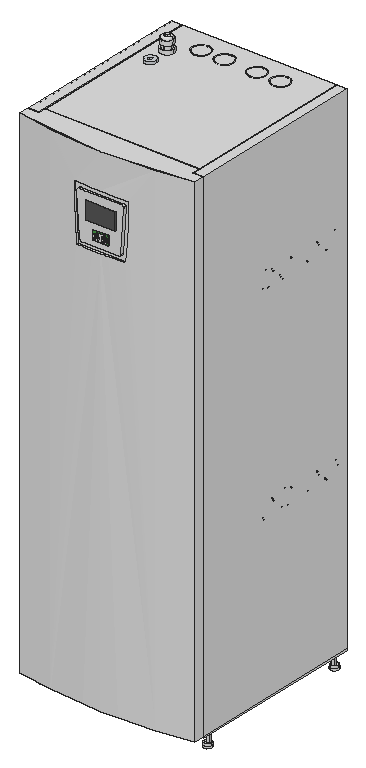
Revit family "HVAC_HeatPumpBW_Enertech_CTC-EcoPart-400_Pro", category Specialty Equipment, Revit 2020 (continued)
Automatic sketch dimensions
  curve 126 to level = 0 mm
  curve 126 to plane 7 = 0 mm
  curve 356 to plane 8 = 0 mm
  curve 480 to level = 0 mm
  curve 479 to level = 0 mm
  curve 129 to plane 6 = 0 mm
  curve 105 to plane 6 = 0 mm
  curve 112 to plane 6 = 0 mm
  curve 108 to plane 6 = 0 mm
  plane 7 to curve 356 = 24.485 mm
  curve 355 to curve 155 = 43 mm
  level to curve 149 = 4 mm
  curve 154 to curve 149 = 26 mm
  curve 149 to curve 152 = 2 mm
  curve 151 to curve 357 = 7.375 mm
  curve 153 to curve 143 = 10.034 mm
  curve 144 to curve 147 = 7.341 mm
  curve 146 to curve 148 = 2 mm
  level to curve 322 = 24.995 mm
  curve 147 to curve 322 = 76.511 mm
  level to curve 322 = 26.409 mm
  curve 319 to curve 322 = 1.414 mm
  level to curve 319 = 16.828 mm
  level to curve 318 = 18.242 mm
  curve 316 to curve 320 = 1.414 mm
  level to curve 315 = 18.242 mm
  level to curve 321 = 16.828 mm
  level to curve 315 = 26.828 mm
  curve 316 to curve 315 = 8.587 mm
  level to curve 321 = 25.414 mm
  curve 315 to curve 321 = 1.414 mm
  curve 323 to curve 323 = 1.414 mm
  curve 317 to curve 325 = 18.343 mm
  level to curve 328 = 25.414 mm
  curve 326 to curve 328 = 1.414 mm
  level to curve 327 = 26.828 mm
  level to curve 328 = 16.828 mm
  curve 326 to curve 328 = 8.587 mm
  level to curve 327 = 18.242 mm
  curve 328 to curve 327 = 1.414 mm
  curve 330 to curve 329 = 1.414 mm
  level to curve 331 = 18.242 mm
  level to curve 332 = 16.828 mm
  level to curve 331 = 26.409 mm
  curve 330 to curve 331 = 8.167 mm
  plane 1 "Center (Front/Back)" to curve 235 = 34.467 mm
  plane 1 "Center (Front/Back)" to curve 251 = 34.467 mm
  curve 252 to curve 251 = 0 mm
  curve 236 to curve 232 = 0 mm
  curve 245 to curve 252 = 2.001 mm
  curve 251 to curve 252 = 0 mm
  curve 232 to curve 235 = 2.001 mm
  curve 236 to curve 231 = 0 mm
  plane 1 "Center (Front/Back)" to curve 242 = 5 mm
  plane 1 "Center (Front/Back)" to curve 258 = 5 mm
  plane 1 "Center (Front/Back)" to curve 254 = 5 mm
  plane 1 "Center (Front/Back)" to curve 238 = 5 mm
  plane 1 "Center (Front/Back)" to curve 228 = 4 mm
  plane 1 "Center (Front/Back)" to curve 244 = 4 mm
  curve 247 to curve 253 = 2 mm
  curve 246 to curve 257 = 2 mm
  curve 230 to curve 241 = 2 mm
  curve 231 to curve 237 = 2 mm
  curve 239 to plane 1 "Center (Front/Back)" = 24.466 mm
  curve 240 to curve 233 = 0 mm
  curve 255 to plane 1 "Center (Front/Back)" = 24.466 mm
  curve 256 to curve 249 = 0 mm
  curve 256 to curve 256 = 2.001 mm
  curve 255 to curve 243 = 0 mm
  curve 233 to curve 239 = 2.001 mm
  curve 240 to curve 234 = 0 mm
  curve 255 to curve 267 = 19.066 mm
  curve 227 to curve 220 = 19.066 mm
  curve 219 to curve 213 = 0 mm
  curve 268 to curve 267 = 0 mm
  curve 264 to curve 267 = 2.001 mm
  curve 220 to curve 220 = 2.001 mm
  curve 219 to curve 214 = 0 mm
  curve 268 to curve 263 = 0 mm
  curve 219 to curve 222 = 27.466 mm
  curve 267 to curve 270 = 27.466 mm
  curve 220 to curve 226 = 27.466 mm
  curve 268 to curve 274 = 27.466 mm
  curve 222 to curve 212 = 1 mm
  curve 268 to curve 259 = 28.466 mm
  curve 215 to curve 221 = 2 mm
  curve 226 to curve 225 = 2 mm
  curve 262 to curve 273 = 2 mm
  curve 270 to curve 269 = 2 mm
  curve 211 to curve 224 = 28.466 mm
  curve 223 to curve 212 = 0 mm
  curve 259 to curve 272 = 28.466 mm
  curve 271 to curve 260 = 0 mm
  curve 265 to curve 271 = 2.001 mm
  curve 212 to curve 224 = 2.001 mm
  curve 272 to curve 266 = 0 mm
  curve 223 to curve 211 = 0 mm
  curve 120 to plane 1 "Center (Front/Back)" = 111.368 mm
  level to curve 341 = 24.995 mm
  curve 341 to plane 1 "Center (Front/Back)" = 138.747 mm
  level to curve 341 = 26.409 mm
  curve 338 to curve 341 = 1.414 mm
  level to curve 338 = 16.828 mm
  level to curve 337 = 18.242 mm
  curve 337 to curve 339 = 1.414 mm  (x2)
  plane 8 to curve 122 = 6 mm
  curve 120 to curve 122 = 38.497 mm
  level to curve 334 = 18.242 mm
  level to curve 340 = 16.828 mm
  curve 224 to curve 204 = 49.049 mm
  curve 203 to curve 197 = 0 mm
  curve 271 to curve 283 = 49.049 mm
  curve 284 to curve 283 = 0 mm
  curve 203 to curve 203 = 2.001 mm
  curve 277 to curve 284 = 2.001 mm
  curve 283 to curve 284 = 0 mm
  curve 204 to curve 199 = 0 mm
  level to curve 334 = 26.828 mm
  curve 334 to curve 334 = 8.587 mm
  level to curve 340 = 25.414 mm
  curve 334 to curve 340 = 1.414 mm
  curve 340 to curve 343 = 1.414 mm
  curve 118 to curve 178 = 28.752 mm
  plane 8 to curve 167 = 38.959 mm
  curve 123 to curve 167 = 1.883 mm
  curve 342 to curve 343 = 18.343 mm
  level to curve 347 = 25.414 mm
  curve 345 to curve 347 = 1.414 mm
  plane 8 to curve 167 = 40.305 mm
  curve 166 to curve 167 = 2.332 mm
  level to curve 346 = 26.828 mm
  curve 165 to curve 170 = 4.096 mm
  curve 284 to curve 290 = 27.466 mm
  curve 279 to curve 286 = 27.466 mm
  curve 203 to curve 206 = 27.466 mm
  curve 198 to curve 210 = 27.466 mm
  curve 206 to curve 200 = 1 mm
  curve 284 to curve 275 = 28.466 mm
  curve 278 to curve 289 = 2 mm
  curve 286 to curve 285 = 2 mm
  curve 198 to curve 209 = 2 mm
  curve 199 to curve 205 = 2 mm
  curve 167 to curve 176 = 6.7 mm
  level to curve 347 = 16.828 mm
  curve 345 to curve 347 = 8.587 mm
  level to curve 346 = 18.242 mm
  curve 348 to curve 346 = 1.414 mm
  curve 349 to curve 348 = 1.414 mm  (x2)
  level to curve 350 = 18.242 mm
  level to curve 351 = 16.828 mm
  level to curve 350 = 26.409 mm
  curve 349 to curve 350 = 8.167 mm
  curve 176 to curve 175 = 22.169 mm
  curve 195 to curve 207 = 28.466 mm
  curve 275 to curve 288 = 28.466 mm
  curve 287 to curve 276 = 0 mm
  curve 208 to curve 201 = 0 mm
  curve 201 to curve 207 = 2.001 mm
  curve 276 to curve 288 = 2.001 mm
  curve 208 to curve 202 = 0 mm
  curve 287 to curve 275 = 0 mm
  curve 175 to curve 160 = 4.936 mm
  curve 175 to curve 162 = 6.7 mm
  curve 162 to curve 161 = 2.332 mm
  curve 162 to curve 125 = 4.216 mm
  curve 195 to curve 188 = 19.066 mm
  curve 187 to curve 181 = 0 mm
  curve 275 to curve 300 = 19.066 mm
  curve 299 to curve 300 = 0 mm
  curve 296 to curve 299 = 2.001 mm
  curve 184 to curve 187 = 2.001 mm
  curve 300 to curve 295 = 0 mm
  curve 188 to curve 183 = 0 mm
  curve 295 to curve 302 = 27.466 mm
  curve 187 to curve 190 = 27.466 mm
  curve 188 to curve 194 = 27.466 mm
  curve 294 to curve 306 = 27.466 mm
  curve 190 to curve 182 = 1 mm
  curve 302 to curve 291 = 1 mm
  curve 190 to curve 189 = 2 mm
  curve 181 to curve 193 = 2 mm
  curve 294 to curve 305 = 2 mm
  curve 302 to curve 301 = 2 mm
  level to curve 140 = 4 mm
  curve 140 to plane 6 = 46.48 mm
  curve 179 to curve 191 = 28.466 mm
  curve 192 to curve 191 = 0 mm
  curve 291 to curve 303 = 28.466 mm
  curve 304 to curve 297 = 0 mm
  curve 140 to curve 307 = 2 mm
  curve 292 to curve 304 = 2.001 mm
  curve 303 to curve 291 = 0 mm
  curve 192 to curve 192 = 2.001 mm
  curve 191 to curve 179 = 0 mm
  curve 138 to curve 138 = 7.375 mm
  curve 142 to curve 311 = 10 mm
  curve 132 to curve 135 = 7.375 mm
  curve 135 to curve 136 = 2 mm
  curve 133 to plane 6 = 4 mm
  plane 6 to curve 111 = 1 mm
  plane 6 to curve 116 = 1 mm
  plane 6 to curve 108 = 1 mm
  curve 146 to curve 144 = 8 mm
  curve 139 to curve 139 = 8 mm
  curve 330 to curve 330 = 1.414 mm
  curve 316 to curve 316 = 1.414 mm
  curve 326 to curve 326 = 1.414 mm
  curve 153 to curve 143 = 0 mm
  curve 142 to curve 311 = 0 mm
  curve 154 to curve 355 = 24.5 mm
  curve 130 to curve 129 = 24.518 mm
  curve 331 to curve 254 = 573.124 mm
  curve 254 to curve 253 = 0 mm
  curve 253 to curve 286 = 0 mm
  curve 286 to curve 285 = 0 mm
  curve 282 to curve 301 = 0 mm
  curve 302 to curve 298 = 0 mm
  curve 253 to curve 269 = 0 mm
  curve 270 to curve 266 = 0 mm
  curve 270 to curve 270 = 2.001 mm
  curve 254 to curve 254 = 2.001 mm
  curve 286 to curve 286 = 2.001 mm
  curve 301 to curve 301 = 2.001 mm
  curve 283 to curve 284 = 2 mm
  curve 267 to curve 268 = 2 mm
  curve 250 to curve 256 = 2 mm
  curve 265 to curve 272 = 2 mm
  curve 296 to curve 300 = 2 mm
  curve 247 to curve 252 = 2 mm
  curve 287 to curve 288 = 2 mm
  curve 297 to curve 304 = 2 mm
  curve 221 to plane 8 = 460.467 mm
  curve 222 to curve 218 = 0 mm
  curve 237 to curve 216 = 0 mm
  curve 221 to curve 189 = 0 mm
  curve 190 to curve 186 = 0 mm
  curve 238 to curve 234 = 0 mm
  curve 206 to curve 184 = 0 mm
  curve 206 to curve 205 = 0 mm
  curve 206 to curve 206 = 2.001 mm
  curve 232 to curve 238 = 2.001 mm
  curve 190 to curve 190 = 2.001 mm
  curve 222 to curve 222 = 2.001 mm
  curve 234 to curve 240 = 2 mm
  curve 191 to curve 192 = 2 mm
  curve 200 to curve 204 = 2 mm
  curve 183 to curve 188 = 2 mm
  curve 232 to curve 236 = 2 mm
  curve 201 to curve 208 = 2 mm
  curve 218 to curve 224 = 2 mm
  curve 215 to curve 220 = 2 mm
  curve 129 to curve 105 = 199.429 mm
  curve 116 to curve 114 = 28 mm
  curve 113 to curve 112 = 22 mm
  curve 111 to curve 111 = 28 mm
  curve 110 to curve 107 = 22 mm
  curve 107 to curve 107 = 28 mm
  plane 8 to curve 159 = 11 mm
  curve 158 to curve 160 = 14.2 mm
  curve 162 to curve 123 = 6.695 mm
  plane 7 to curve 356 = 13.426 mm
  curve 356 to curve 355 = 9.24 mm
  curve 355 to curve 354 = 15.898 mm
  curve 353 to curve 155 = 4 mm
  curve 174 to curve 176 = 0 mm
  curve 174 to curve 175 = 0 mm  (x2)
  curve 142 to curve 312 = 19.518 mm
  Extrusion 29 sketch curve to plane 3 "Center (Left/Right)" = 135 mm  (x2)
  Extrusion 29 sketch curve to plane 3 "Center (Left/Right)" = 55 mm  (x2)
  plane 3 "Center (Left/Right)" to Extrusion 29 sketch curve = 54.984 mm  (x2)
  Extrusion 29 sketch curve to Extrusion 29 sketch curve = 80 mm  (x2)
  level to Extrusion 29 sketch curve = 630 mm
  Extrusion 29 sketch curve to Extrusion 29 sketch curve = 0 mm  (x6)
  Extrusion 29 sketch curve to plane 8 = 430 mm
  Blend 16 sketch curve to Blend 16 sketch curve = 35 mm
  plane 7 to Blend 16 sketch curve = 63.486 mm
  plane 6 to Blend 16 sketch curve = 937.934 mm
  plane 7 to Blend 16 sketch curve = 27.743 mm
  Blend 16 sketch curve to Blend 16 sketch curve = 35.742 mm
  plane 7 to Blend 16 sketch curve = 26.703 mm
  plane 6 to Blend 16 sketch curve = 996.727 mm
  radius of Extrusion 9 sketch curve = 14 mm  (x6)
  radius of Extrusion 9 sketch curve = 12.4 mm  (x6)
  radius of Extrusion 15 sketch curve = 5 mm  (x4)
  radius of Extrusion 22 sketch curve = 19.248 mm
  radius of Extrusion 22 sketch curve = 7.026 mm
  radius of Extrusion 24 sketch curve = 5.5 mm
  radius of Extrusion 26 sketch curve = 28.484 mm  (x4)
  radius of Extrusion 27 sketch curve = 28.484 mm  (x8)
  radius of Extrusion 28 sketch curve = 28.484 mm  (x8)
  radius of Extrusion 29 sketch curve = 28.484 mm  (x8)
Connectors
  electrical at (-205.108, 200.616, 1807), driven by "NumberOfPoles"
    settings: on cut or joined group of Revolve 23, Extrusion 24, index 1, voltage 0 V, apparent load 0 VA, apparent load phase1 0 VA, apparent load phase2 0 VA, apparent load phase3 0 VA, power factor 1, load classification "Other", number of poles 1, system type 31, power factor state 1, is connector primary yes, connector utility no, sub classification motor no, connector description ""
  electrical at (-205.108, 130.616, 1766)
    settings: on Extrusion 22, index 2, voltage 0 V, apparent load 0 VA, apparent load phase1 0 VA, apparent load phase2 0 VA, apparent load phase3 0 VA, power factor 1, load classification "Other", number of poles 1, system type 14, power factor state 1, is connector primary no, connector utility no, sub classification motor no, connector description ""
  piping at (-134.992, 257.55, 1757), diameter 28
    settings: on Extrusion 26, index 3, connector inside diameter 609.6 mm, connector length 0 mm, flow factor 0, pipe flow 0.0 L/s, pressure drop 0.0 Pa, fitting loss kfactor 0, connector angle 0.00°, fixture units 0, engagement length 0 mm, angle of deflection 0.00°, flow configuration 0, flow direction 1, fitting loss method 0, system type 19, joint type 0, gender type 0, connector reference index -1, connector utility 0, adjustable connector no, is connector primary yes, connector description ""
  piping at (-54.992, 257.55, 1757), diameter 28
    settings: on Extrusion 26, index 4, connector inside diameter 609.6 mm, connector length 0 mm, flow factor 0, pipe flow 0.0 L/s, pressure drop 0.0 Pa, fitting loss kfactor 0, connector angle 0.00°, fixture units 0, engagement length 0 mm, angle of deflection 0.00°, flow configuration 0, flow direction 2, fitting loss method 0, system type 19, joint type 0, gender type 0, connector reference index -1, connector utility 0, adjustable connector no, is connector primary no, connector description ""
  piping at (54.992, 257.55, 1757), diameter 28
    settings: on Extrusion 26, index 5, connector inside diameter 609.6 mm, connector length 0 mm, flow factor 0, pipe flow 0.0 L/s, pressure drop 0.0 Pa, fitting loss kfactor 0, connector angle 0.00°, fixture units 0, engagement length 0 mm, angle of deflection 0.00°, flow configuration 0, flow direction 2, fitting loss method 0, system type 22, joint type 0, gender type 0, connector reference index -1, connector utility 0, adjustable connector no, is connector primary no, connector description ""
  piping at (134.992, 257.55, 1757), diameter 28
    settings: on Extrusion 26, index 6, connector inside diameter 609.6 mm, connector length 0 mm, flow factor 0, pipe flow 0.0 L/s, pressure drop 0.0 Pa, fitting loss kfactor 0, connector angle 0.00°, fixture units 0, engagement length 0 mm, angle of deflection 0.00°, flow configuration 0, flow direction 1, fitting loss method 0, system type 22, joint type 0, gender type 0, connector reference index -1, connector utility 0, adjustable connector no, is connector primary no, connector description ""
  piping at (296, -4, 1330), diameter 28
    settings: on Extrusion 28, index 7, connector inside diameter 609.6 mm, connector length 0 mm, flow factor 0, pipe flow 0.0 L/s, pressure drop 0.0 Pa, fitting loss kfactor 0, connector angle 0.00°, fixture units 0, engagement length 0 mm, angle of deflection 0.00°, flow configuration 0, flow direction 1, fitting loss method 0, system type 19, joint type 0, gender type 0, connector reference index -1, connector utility 0, adjustable connector no, is connector primary no, connector description ""
  piping at (296, 76, 1330), diameter 28
    settings: on Extrusion 28, index 8, connector inside diameter 609.6 mm, connector length 0 mm, flow factor 0, pipe flow 0.0 L/s, pressure drop 0.0 Pa, fitting loss kfactor 0, connector angle 0.00°, fixture units 0, engagement length 0 mm, angle of deflection 0.00°, flow configuration 0, flow direction 2, fitting loss method 0, system type 19, joint type 0, gender type 0, connector reference index -1, connector utility 0, adjustable connector no, is connector primary no, connector description ""
  piping at (296, 185.984, 1330), diameter 28
    settings: on Extrusion 28, index 9, connector inside diameter 609.6 mm, connector length 0 mm, flow factor 0, pipe flow 0.0 L/s, pressure drop 0.0 Pa, fitting loss kfactor 0, connector angle 0.00°, fixture units 0, engagement length 0 mm, angle of deflection 0.00°, flow configuration 0, flow direction 2, fitting loss method 0, system type 22, joint type 0, gender type 0, connector reference index -1, connector utility 0, adjustable connector no, is connector primary no, connector description ""
  piping at (296, 262.484, 1330), diameter 28
    settings: on Extrusion 28, index 10, connector inside diameter 609.6 mm, connector length 0 mm, flow factor 0, pipe flow 0.0 L/s, pressure drop 0.0 Pa, fitting loss kfactor 0, connector angle 0.00°, fixture units 0, engagement length 0 mm, angle of deflection 0.00°, flow configuration 0, flow direction 1, fitting loss method 0, system type 22, joint type 0, gender type 0, connector reference index -1, connector utility 0, adjustable connector no, is connector primary no, connector description ""
  piping at (296, -4, 630), diameter 28
    settings: on Extrusion 28, index 11, connector inside diameter 609.6 mm, connector length 0 mm, flow factor 0, pipe flow 0.0 L/s, pressure drop 0.0 Pa, fitting loss kfactor 0, connector angle 0.00°, fixture units 0, engagement length 0 mm, angle of deflection 0.00°, flow configuration 0, flow direction 1, fitting loss method 0, system type 19, joint type 0, gender type 0, connector reference index -1, connector utility 0, adjustable connector no, is connector primary no, connector description ""
  piping at (296, 76, 630), diameter 28
    settings: on Extrusion 28, index 12, connector inside diameter 609.6 mm, connector length 0 mm, flow factor 0, pipe flow 0.0 L/s, pressure drop 0.0 Pa, fitting loss kfactor 0, connector angle 0.00°, fixture units 0, engagement length 0 mm, angle of deflection 0.00°, flow configuration 0, flow direction 2, fitting loss method 0, system type 19, joint type 0, gender type 0, connector reference index -1, connector utility 0, adjustable connector no, is connector primary no, connector description ""
  piping at (296, 185.984, 630), diameter 28
    settings: on Extrusion 28, index 13, connector inside diameter 609.6 mm, connector length 0 mm, flow factor 0, pipe flow 0.0 L/s, pressure drop 0.0 Pa, fitting loss kfactor 0, connector angle 0.00°, fixture units 0, engagement length 0 mm, angle of deflection 0.00°, flow configuration 0, flow direction 2, fitting loss method 0, system type 22, joint type 0, gender type 0, connector reference index -1, connector utility 0, adjustable connector no, is connector primary no, connector description ""
  piping at (296, 262.484, 630), diameter 28
    settings: on Extrusion 28, index 14, connector inside diameter 609.6 mm, connector length 0 mm, flow factor 0, pipe flow 0.0 L/s, pressure drop 0.0 Pa, fitting loss kfactor 0, connector angle 0.00°, fixture units 0, engagement length 0 mm, angle of deflection 0.00°, flow configuration 0, flow direction 1, fitting loss method 0, system type 22, joint type 0, gender type 0, connector reference index -1, connector utility 0, adjustable connector no, is connector primary no, connector description ""
  piping at (-296, -4, 1330), diameter 28
    settings: on Extrusion 27, index 15, connector inside diameter 609.6 mm, connector length 0 mm, flow factor 0, pipe flow 0.0 L/s, pressure drop 0.0 Pa, fitting loss kfactor 0, connector angle 0.00°, fixture units 0, engagement length 0 mm, angle of deflection 0.00°, flow configuration 0, flow direction 2, fitting loss method 0, system type 19, joint type 0, gender type 0, connector reference index -1, connector utility 0, adjustable connector no, is connector primary no, connector description ""
  piping at (-296, 76, 1330), diameter 28
    settings: on Extrusion 27, index 16, connector inside diameter 609.6 mm, connector length 0 mm, flow factor 0, pipe flow 0.0 L/s, pressure drop 0.0 Pa, fitting loss kfactor 0, connector angle 0.00°, fixture units 0, engagement length 0 mm, angle of deflection 0.00°, flow configuration 0, flow direction 2, fitting loss method 0, system type 19, joint type 0, gender type 0, connector reference index -1, connector utility 0, adjustable connector no, is connector primary no, connector description ""
  piping at (-296, 185.984, 1330), diameter 28
    settings: on Extrusion 27, index 17, connector inside diameter 609.6 mm, connector length 0 mm, flow factor 0, pipe flow 0.0 L/s, pressure drop 0.0 Pa, fitting loss kfactor 0, connector angle 0.00°, fixture units 0, engagement length 0 mm, angle of deflection 0.00°, flow configuration 0, flow direction 2, fitting loss method 0, system type 22, joint type 0, gender type 0, connector reference index -1, connector utility 0, adjustable connector no, is connector primary no, connector description ""
  piping at (-296, 262.484, 1330), diameter 28
    settings: on Extrusion 27, index 18, connector inside diameter 609.6 mm, connector length 0 mm, flow factor 0, pipe flow 0.0 L/s, pressure drop 0.0 Pa, fitting loss kfactor 0, connector angle 0.00°, fixture units 0, engagement length 0 mm, angle of deflection 0.00°, flow configuration 0, flow direction 2, fitting loss method 0, system type 22, joint type 0, gender type 0, connector reference index -1, connector utility 0, adjustable connector no, is connector primary no, connector description ""
  piping at (-296, 262.484, 630), diameter 28
    settings: on Extrusion 27, index 19, connector inside diameter 609.6 mm, connector length 0 mm, flow factor 0, pipe flow 0.0 L/s, pressure drop 0.0 Pa, fitting loss kfactor 0, connector angle 0.00°, fixture units 0, engagement length 0 mm, angle of deflection 0.00°, flow configuration 0, flow direction 2, fitting loss method 0, system type 22, joint type 0, gender type 0, connector reference index -1, connector utility 0, adjustable connector no, is connector primary no, connector description ""
  piping at (-296, 185.984, 630), diameter 28
    settings: on Extrusion 27, index 20, connector inside diameter 609.6 mm, connector length 0 mm, flow factor 0, pipe flow 0.0 L/s, pressure drop 0.0 Pa, fitting loss kfactor 0, connector angle 0.00°, fixture units 0, engagement length 0 mm, angle of deflection 0.00°, flow configuration 0, flow direction 2, fitting loss method 0, system type 22, joint type 0, gender type 0, connector reference index -1, connector utility 0, adjustable connector no, is connector primary no, connector description ""
  piping at (-296, 76, 630), diameter 28
    settings: on Extrusion 27, index 21, connector inside diameter 609.6 mm, connector length 0 mm, flow factor 0, pipe flow 0.0 L/s, pressure drop 0.0 Pa, fitting loss kfactor 0, connector angle 0.00°, fixture units 0, engagement length 0 mm, angle of deflection 0.00°, flow configuration 0, flow direction 2, fitting loss method 0, system type 19, joint type 0, gender type 0, connector reference index -1, connector utility 0, adjustable connector no, is connector primary no, connector description ""
  piping at (-296, -4, 630), diameter 28
    settings: on Extrusion 27, index 22, connector inside diameter 609.6 mm, connector length 0 mm, flow factor 0, pipe flow 0.0 L/s, pressure drop 0.0 Pa, fitting loss kfactor 0, connector angle 0.00°, fixture units 0, engagement length 0 mm, angle of deflection 0.00°, flow configuration 0, flow direction 2, fitting loss method 0, system type 19, joint type 0, gender type 0, connector reference index -1, connector utility 0, adjustable connector no, is connector primary no, connector description ""
  piping at (134.984, 338, 1330), diameter 28
    settings: on Extrusion 29, index 23, connector inside diameter 609.6 mm, connector length 0 mm, flow factor 0, pipe flow 0.0 L/s, pressure drop 0.0 Pa, fitting loss kfactor 0, connector angle 0.00°, fixture units 0, engagement length 0 mm, angle of deflection 0.00°, flow configuration 1, flow direction 1, fitting loss method 0, system type 19, joint type 0, gender type 0, connector reference index -1, connector utility 0, adjustable connector no, is connector primary no, connector description ""
  piping at (54.984, 338, 1330), diameter 28
    settings: on Extrusion 29, index 24, connector inside diameter 609.6 mm, connector length 0 mm, flow factor 0, pipe flow 0.0 L/s, pressure drop 0.0 Pa, fitting loss kfactor 0, connector angle 0.00°, fixture units 0, engagement length 0 mm, angle of deflection 0.00°, flow configuration 1, flow direction 2, fitting loss method 0, system type 19, joint type 0, gender type 0, connector reference index -1, connector utility 0, adjustable connector no, is connector primary no, connector description ""
  piping at (-55, 338, 1330), diameter 28
    settings: on Extrusion 29, index 25, connector inside diameter 609.6 mm, connector length 0 mm, flow factor 0, pipe flow 0.0 L/s, pressure drop 0.0 Pa, fitting loss kfactor 0, connector angle 0.00°, fixture units 0, engagement length 0 mm, angle of deflection 0.00°, flow configuration 1, flow direction 2, fitting loss method 0, system type 22, joint type 0, gender type 0, connector reference index -1, connector utility 0, adjustable connector no, is connector primary no, connector description ""
  piping at (-135, 338, 1330), diameter 28
    settings: on Extrusion 29, index 26, connector inside diameter 609.6 mm, connector length 0 mm, flow factor 0, pipe flow 0.0 L/s, pressure drop 0.0 Pa, fitting loss kfactor 0, connector angle 0.00°, fixture units 0, engagement length 0 mm, angle of deflection 0.00°, flow configuration 1, flow direction 1, fitting loss method 0, system type 22, joint type 0, gender type 0, connector reference index -1, connector utility 0, adjustable connector no, is connector primary no, connector description ""
  piping at (134.984, 338, 630), diameter 28
    settings: on Extrusion 29, index 27, connector inside diameter 609.6 mm, connector length 0 mm, flow factor 0, pipe flow 0.0 L/s, pressure drop 0.0 Pa, fitting loss kfactor 0, connector angle 0.00°, fixture units 0, engagement length 0 mm, angle of deflection 0.00°, flow configuration 1, flow direction 1, fitting loss method 0, system type 19, joint type 0, gender type 0, connector reference index -1, connector utility 0, adjustable connector no, is connector primary no, connector description ""
  piping at (54.984, 338, 630), diameter 28
    settings: on Extrusion 29, index 28, connector inside diameter 609.6 mm, connector length 0 mm, flow factor 0, pipe flow 0.0 L/s, pressure drop 0.0 Pa, fitting loss kfactor 0, connector angle 0.00°, fixture units 0, engagement length 0 mm, angle of deflection 0.00°, flow configuration 1, flow direction 2, fitting loss method 0, system type 19, joint type 0, gender type 0, connector reference index -1, connector utility 0, adjustable connector no, is connector primary no, connector description ""
  piping at (-55, 338, 630), diameter 28
    settings: on Extrusion 29, index 29, connector inside diameter 609.6 mm, connector length 0 mm, flow factor 0, pipe flow 0.0 L/s, pressure drop 0.0 Pa, fitting loss kfactor 0, connector angle 0.00°, fixture units 0, engagement length 0 mm, angle of deflection 0.00°, flow configuration 1, flow direction 2, fitting loss method 0, system type 22, joint type 0, gender type 0, connector reference index -1, connector utility 0, adjustable connector no, is connector primary no, connector description ""
  piping at (-135, 338, 630), diameter 28
    settings: on Extrusion 29, index 30, connector inside diameter 609.6 mm, connector length 0 mm, flow factor 0, pipe flow 0.0 L/s, pressure drop 0.0 Pa, fitting loss kfactor 0, connector angle 0.00°, fixture units 0, engagement length 0 mm, angle of deflection 0.00°, flow configuration 1, flow direction 1, fitting loss method 0, system type 22, joint type 0, gender type 0, connector reference index -1, connector utility 0, adjustable connector no, is connector primary no, connector description ""
Types (5, lengths in mm): name | Weight | SpecifiedOutput | SoundPowerLWA | Sound pressureLPA 1m | SCOPWarm | SCOPModerate | SCOPCold | RefrigerantQuantity | RatedVoltage | RatedHeatOutputModerate | RatedCurrent | PumpMainMaterial | NumberOfPoles | NominalVoltage | ModelNumber | MaxStartingCurrent | Model | InPutPower | GroupFuse | EANNumber | COP | CO2Equivalent
  CTC EcoPart i425 Pro - 400V3N | "328 kg" | "24.43 kW" | "50 dB" | "45 dB" | "4.7" | "4.8" | "4.8" | "4.6 kg (2.7+1.9)" | 1200 V | "26 kW" | 22.2 A | Steel - White | 3 | 400 V | "587000001" | "49.7 A (32.0 + 17.7)" | "CTC EcoPart i425 Pro" | "5.51 kW" | "25 A" | "7333077000578" | "4.43" | "8.160 tonnes"
  CTC EcoPart i425 Pro - 230V1N | "339 kg" | "24.44 kW" | "50 dB" | "45 dB" | "4.7" | "4.8" | "4.8" | "4.6 kg (2.7+1.9)" | 230 V | "26 kW" | 33.5 A | Steel - White | 1 | 230 V | "587001001" | "60.0 A (30.0 + 30.0)" | "CTC EcoPart i425 Pro" | "5.36 kW" | "35 A" | "7333077000639" | "4.56" | "8.160 tonnes"
  CTC EcoPart i430 Pro - 400V3N | "346 kg" | "27.99 kW" | "53 dB" | "48 dB" | "4.5" | "4.6" | "4.6" | "5.0 kg (2.7+2.3)" | 1200 V | "32 kw" | 24.6 A | Stainless Steel | 3 | 400 V | "587000002" | "55.5 A (32.0 + 23.5)" | "CTC EcoPart i430 Pro" | "6.27 kW" | "25 A" | "7333077000585" | "4.46" | "8.870 tonnes"
  CTC EcoPart i435 Pro - 400V3N | "352 kg" | "32.48 kW" | "56 dB" | "51 dB" | "4.7" | "4.8" | "4.7" | "5.4 kg (2.7+2.7)" | 1200 V | "38 kW" | 28.9 A | Steel - White | 3 | 400 V | "587000003" | "64.0 A (32.0 +32.0)" | "CTC EcoPart i435 Pro" | "7.44 kW" | "30 A" | "7333077000592" | "4.37" | "9.579 tonnes"
  CTC EcoPart i430 Pro - 230V1N | "357 kg" | "28.94 kW" | "53 dB" | "48 dB" | "4.5" | "4.6" | "4.6" | "5.4 kg (2.7+2.7)" | 1200 V | "32 kw" | 38 A | Steel - White | 3 | 400 V | "587001002" | "60.0 A (30.0 + 30.0)" | "CTC EcoPart i430 Pro" | "6.38 kW" | "40 A" | "7333077000646" | "4.54" | "9.579 tonnes"
